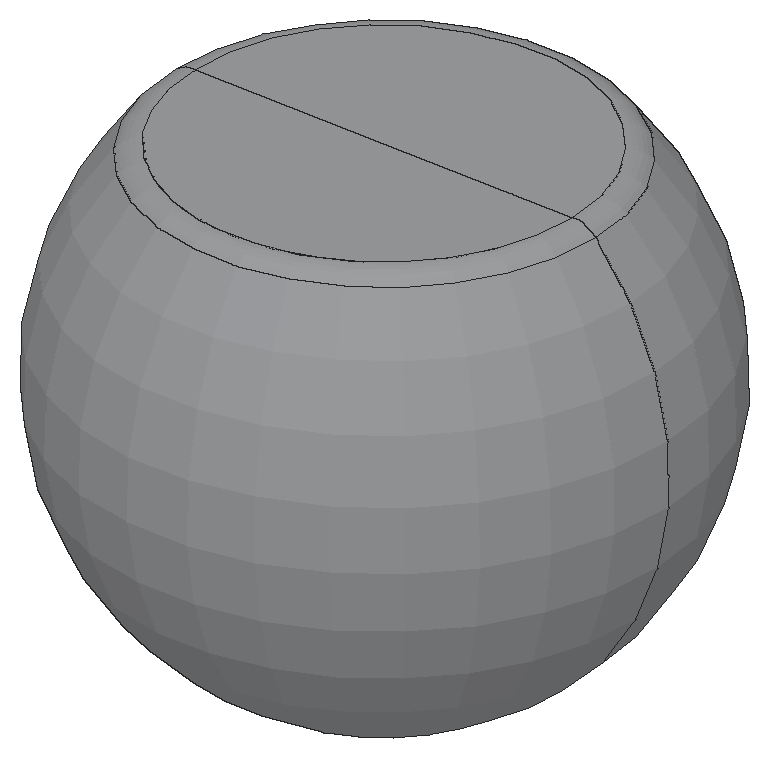
Revit family "Haworth_Bong_Table", category Furniture, Revit 2018
Family settings
  OmniClass Number = 23.40.20.00
  OmniClass Title = General Furniture and Specialties
  Work Plane-Based = No
  Always vertical = Yes
  Cut with Voids When Loaded = No
  Shared = No
  Room Calculation Point = No
Parameters (values of type "HCCE-BNGP")
  Warranty = "http://www.haworth.com/resources/product-info/warranties"
  URL - Product = "https://www.haworth.com/na/en/products/side-occasional/bong.html"
  URL = "http://www.haworth.com/our-brands/haworth-collection"
  Table Finish [instance] = Haworth _ Marble _ Carrara
  Size = "Verify Final Dim. w/ Haworth"  # constant formula
  Revision = "4"  # constant formula
  Radius = 0' - 9 1/2"  # constant formula
  Model = "HCCE-BNGP"
  Manufacturer = "Haworth"  # constant formula
  Standard Height = "16 inches"  # constant formula
  Description = "Haworth Bong Table"
  Standard Diameter = "19 inches"  # constant formula
  Author = "Haworth (Hampton)"  # constant formula
  Assembly Code = "E2020200"
  Actual Height = 1' - 3 25/32"  # constant formula
Reference planes (in)
  plane 1 "Center Front/Back": y = 0
  plane 2: z = 0
  plane 3 "Center Left/Right": x = 0
  plane 4 "Top": z = 15.78125
  plane 5 "Left Post": x = -9.5
  plane 6 "Right Post": x = 9.5
Forms (in)
  Revolve 1, solid, material "Haworth _ Marble _ Carrara" <- "Table Finish"
    sketch origin (0, 0, 0) x (1, 0, 0) y (0, 0, 1)
      loop
        line (0, 0) -> (0, 15.76946) -> (-6.18695, 15.76946)
        arc (-6.18695, 15.76946) -> (-6.59456, 15.68262) -> (-6.93137, 15.43718) r 1
        arc (-6.93137, 15.43718) -> (-8.97059, 6.46437) -> (-2.42217, 0) r 9.46402
        line (-2.42217, 0) -> (0, 0)
      axis (0, 15.76946) -> (0, 0)
    angle from 0 to 360
Lines and regions (in)
  Masking region 1
    outline origin (0, 0, 0) x (1, 0, 0) y (0, 1, 0)
      loop
        circle (0, 0) r 9.34655
  symbolic lines, style "Haworth", detail levels medium
    curve 1: circle (0, 0, 0) r 7 normal (0, 0, 1)
Dimensions and locks (in)
  "Actual Height": plane 4 "Top" to level
  "Radius": plane 3 "Center Left/Right" to plane 5 "Left Post"
  "Radius": plane 6 "Right Post" to plane 3 "Center Left/Right"
  radius of Masking region 1 sketch curve = 0' - 9.34655"
Automatic sketch dimensions
  Revolve 1 sketch curve to level = 0' - 0"
  Revolve 1 sketch curve to plane 3 "Center Left/Right" = 0' - 0"
  Revolve 1 sketch curve to Revolve 1 sketch curve = 0' - 2.42217"
  Revolve 1 sketch curve to plane 4 "Top" = 0' - 1.01179"
  plane 5 "Left Post" to Revolve 1 sketch curve = 0' - 3.31305"
  Revolve 1 sketch curve to plane 4 "Top" = 0' - 0.34407"
  Revolve 1 sketch curve to Revolve 1 sketch curve = 0' - 0.74442"
  Revolve 1 sketch curve to Revolve 1 sketch curve = 0' - 0"
  plane 1 "Center Front/Back" to Masking region 1 sketch curve = 0' - 0"
  Masking region 1 sketch curve to plane 3 "Center Left/Right" = 0' - 0"
  plane 1 "Center Front/Back" to curve 1 = 0' - 0"
  curve 1 to plane 3 "Center Left/Right" = 0' - 0"
  radius of curve 1 = 0' - 7"
